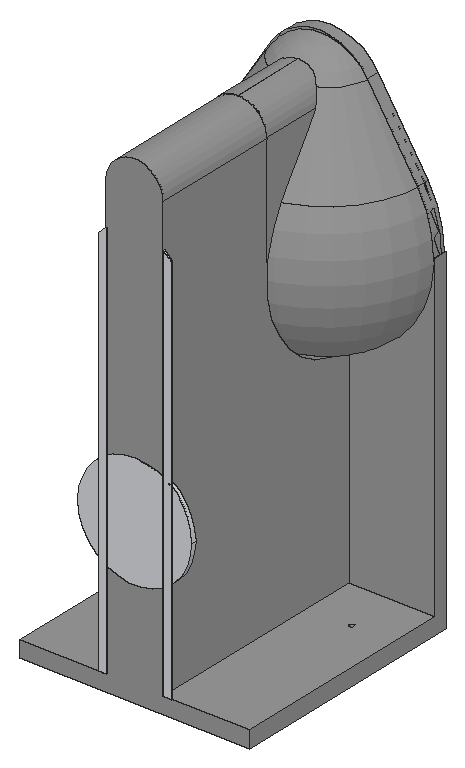
Revit family "Toilet-Willoughby-ASETF-1490-FM-FA-10-BS", category Plumbing Fixtures, Revit 2015
Parameters (values of type "Standard")
  Waste DIA = 2 3/8"
  Waste Connection = yes
  W-RAD [instance] = Waste DIA / 2  # 0' - 1 3/16"
  Vent Connection = no
  URL = "https://www.willoughby-ind.com/wp-content/uploads/2018/01/ASETF-1490-FM-FA.pdf"
  Type Comments = ""
  Revision = "A"
  Model = "ASETW-1490-FM-FA-10-TS"
  Manufacturer = "Willoughby Industries"
  HW Connection = no
  Flush inlet DIA = 1 1/2"
  Flush Inlet Connection = yes
  Fixture Body = Stainless Steel AISI 304-Willoughby
  F-RAD [instance] = Flush inlet DIA / 2  # 0' - 0 3/4"
  Description = "1490 Front Access, Ligature-Resistant, Floor Outlet and Mounted, Siphon Jet, 10\" Rough In"
  Default Elevation = 0' - 0"
  Contact Number = "(800) 428-4065"
  CW Connection = no
Reference planes (in)
  plane 1 "Base": y = -16.25
  plane 2: z = 0
  plane 3 "Center": x = 18.31072
  plane 4 "Waste height": y = -4.75
  plane 5 "Seat HGT": y = -1.25
  plane 6: y = -2.125
  plane 7: x = 16.56072
  plane 8: x = 20.06072
  plane 9: x = 13.81072
  plane 10: x = 22.81072
  plane 11: z = 2.70924
  plane 12: z = -3
  plane 13: z = 25
Forms (in)
  Extrusion 1, solid, material "Stainless Steel AISI 304-Willoughby" <- "Fixture Body"
    sketch origin (16.08109, 7.47968, -2.20079) x (-1, 0, 0) y (0, 0, -1)
      loop
        line (4.79769, -22.8922) -> (4.83287, -22.8922) -> (4.83287, -3.20079) -> (-9.29213, -3.20079) -> (-9.29213, -22.8922) -> (-9.20219, -22.8922)
        arc (-9.20219, -22.8922) -> (-8.94577, -24.74051) -> (-8.21015, -26.45542) r 7
        line (-8.21015, -26.45542) -> (-5.16818, -31.31054)
        arc (-5.16818, -31.31054) -> (-2.20225, -32.95225) -> (0.76368, -31.31054) r 3.5
        line (0.76368, -31.31054) -> (3.80565, -26.45542)
        arc (3.80565, -26.45542) -> (4.54128, -24.74051) -> (4.79769, -22.8922) r 7
      loop
        arc (2.03989, -24.70557) -> (-2.20225, -18.23804) -> (-6.44438, -24.70557) r 4.625
        line (-6.44438, -24.70557) -> (-4.04125, -30.23842)
        arc (-4.04125, -30.23842) -> (-2.20225, -31.45225) -> (-0.36324, -30.23842) r 2
        line (-0.36324, -30.23842) -> (2.03989, -24.70557)
    from 8.72968 to 9.5
  Revolve 2, solid, material "Stainless Steel AISI 304-Willoughby" <- "Fixture Body"
    sketch origin (19.37981, -1.52032, 1.00775) x (-1, 0, 0) y (0, 0, -1)
      loop
        line (1.06174, -12.59906) -> (1.06174, -12.84906)
        arc (1.06174, -12.84906) -> (6.96784, -16.33096) -> (6.78077, -23.18447) r 6.75
        line (6.78077, -23.18447) -> (5.22309, -25.66909)
        arc (5.22309, -25.66909) -> (3.40303, -27.84141) -> (1.06174, -29.43826) r 10.34445
        line (1.06174, -29.43826) -> (1.06174, -29.68826)
        arc (1.06174, -29.68826) -> (2.75672, -29.25045) -> (4.02767, -28.04656) r 3.5
        line (4.02767, -28.04656) -> (7.06964, -23.19143)
        arc (7.06964, -23.19143) -> (7.15052, -16.14555) -> (1.06174, -12.59906) r 7
      axis (1.06174, -12.59906) -> (1.06174, -29.68826)
    angle from 0 to -180
  Extrusion 3, solid, material "Stainless Steel AISI 304-Willoughby" <- "Fixture Body"
    sketch origin (19.53334, -3.02032, -0.0094) x (0, 1, 0) y (0, 0, 1)
      loop
        line (-5.27082, 1.0094) -> (1, 1.0094) -> (1, 13.80524)
        arc (1, 13.80524) -> (-3.15813, 15.45207) -> (-5.27082, 19.39398) r 6.50625
        line (-5.27082, 19.39398) -> (-5.27082, 1.0094)
    from 0.52738 to -2.97262
  Extrusion 4, solid, material "Stainless Steel AISI 304-Willoughby" <- "Fixture Body"
    sketch origin (0, -16.25, 0) x (1, 0, 0) y (0, 0, 1)
      loop
        line (25.37322, 0) -> (25.37322, 1) -> (11.2834, 1) -> (11.2834, 0) -> (25.37322, 0)
    from -15 to 0
  Extrusion 5, solid, material "Stainless Steel AISI 304-Willoughby" <- "Fixture Body"
    sketch origin (0, -16.25, 4.94141) x (1, 0, 0) y (0, 0, 1)
      loop
        line (20.06072, -3.94141) -> (20.06072, 23.23467)
        arc (20.06072, 23.23467) -> (18.31072, 24.98467) -> (16.56072, 23.23467) r 1.75
        line (16.56072, 23.23467) -> (16.56072, -3.94141) -> (20.06072, -3.94141)
    from 0 to -7.95886
  Extrusion 6, solid, material "Stainless Steel AISI 304-Willoughby" <- "Fixture Body"
    sketch origin (18.31072, 0, 4.94141) x (0, 1, 0) y (0, 0, 1)
      loop
        line (-8.30956, 24.98711) -> (-8.30956, 16.43945)
        arc (-8.30956, 16.43945) -> (-7.89398, 17.78452) -> (-7.26296, 19.04298) r 8.53534
        arc (-7.26296, 19.04298) -> (-5.96181, 21.12816) -> (-4.62752, 23.19229) r 153.87584
        arc (-4.62752, 23.19229) -> (-4.20813, 24.22574) -> (-3.39314, 24.98711) r 2.59068
        line (-3.39314, 24.98711) -> (-8.30956, 24.98711)
    from -1.75 to 1.75
  Extrusion 7, void
    sketch origin (0, -16.25, 4.94141) x (1, 0, 0) y (0, 0, 1)
      loop
        arc (18.32244, 24.98711) -> (19.55159, 24.47797) -> (20.06072, 23.24882) r 1.73828
        line (20.06072, 23.24882) -> (20.06072, 24.98711) -> (18.32244, 24.98711)
    from -13.39931 to -7.72232
  Extrusion 8, void
    sketch origin (0, -16.25, 4.94141) x (1, 0, 0) y (0, 0, 1)
      loop
        line (16.56072, 24.98711) -> (16.56072, 23.38793)
        arc (16.56072, 23.38793) -> (17.12541, 24.5271) -> (18.31072, 24.98711) r 1.75711
        line (18.31072, 24.98711) -> (16.56072, 24.98711)
    from -12.85686 to -7.94044
  Extrusion 9, solid
    sketch origin (0, -16.25, 4.94141) x (1, 0, 0) y (0, 0, 1)
      loop
        line (20.06072, -3.94141) -> (20.56072, -3.94141) -> (20.56072, 20.125) -> (20.06072, 20.625) -> (20.06072, -3.94141)
      loop
        line (16.58416, -3.94141) -> (16.58416, 20.625) -> (16.08416, 20.125) -> (16.08416, -3.94141) -> (16.58416, -3.94141)
    from 0 to -0.0625
  Extrusion 10, solid
    sketch origin (0, -16.25, 0) x (1, 0, 0) y (0, 0, 1)
      loop
        circle (18.32831, 10) r 3.5
    from 0 to -0.25
  Extrusion 11, void
    sketch origin (0, 0, 0) x (1, 0, 0) y (0, 1, 0)
      loop
        circle (22.82831, -5.25) r 0.15625
      loop
        circle (13.82831, -5.25) r 0.15625
    from -0.25 to 1
  Extrusion 12, solid
    sketch origin (0, 0, 0) x (1, 0, 0) y (0, 1, 0)
      loop
        circle (18.31072, -3.125) r 0.75
    from 0 to 1
Cuts and joins
  Extrusion 11 cuts Extrusion 1
  Extrusion 11 cuts Extrusion 3
  Extrusion 11 cuts Extrusion 4
  Extrusion 11 cuts Extrusion 5
  joined: Extrusion 1, Extrusion 3, Extrusion 4, Extrusion 5
  Extrusion 7, Extrusion 8 cuts Extrusion 6
Lines and regions (in)
  symbolic lines
    curve 1: line (11.28334, -2.02032, 0) -> (11.28334, -1.25, 0)
    curve 2: line (11.28334, -1.25, 0) -> (25.28334, -1.25, 0)
    curve 3: line (25.28334, -1.25, 0) -> (25.28334, -2.02032, 0)
    curve 4: arc (25.28334, -2.02032, 0) -> (23.0776, -6.6446, 0) -> (18.31072, -8.52239, 0) r 6.98983
    curve 5: arc (18.31072, -8.52239, 0) -> (13.52369, -6.64758, 0) -> (11.28334, -2.02032, 0) r 7.04842
    curve 6: line (22.81072, -6.88104, 0) -> (22.81072, -16.25, 0)
    curve 7: line (22.81072, -16.25, 0) -> (13.81072, -16.25, 0)
    curve 8: line (13.81072, -16.25, 0) -> (13.81072, -6.89908, 0)
    curve 9: line (16.56072, -8.30173, 0) -> (16.56072, -16.25, 0)
    curve 10: line (20.06072, -8.29974, 0) -> (20.06072, -16.25, 0)
    curve 11: line (14.78334, -16.25, 9.65867) -> (14.78334, -16.25, 1)
    curve 12: line (14.78334, -16.25, 1) -> (13.81072, -16.25, 1)
    curve 13: line (13.81072, -16.25, 1) -> (13.81072, -16.25, 0)
    curve 14: line (13.81072, -16.25, 0) -> (22.81072, -16.25, 0)
    curve 15: line (22.81072, -16.25, 0) -> (22.81072, -16.25, 1)
    curve 16: line (22.81072, -16.25, 1) -> (21.81072, -16.25, 1)
    curve 17: line (21.81072, -16.25, 1) -> (21.81072, -16.25, 9.67456)
    curve 18: arc (21.81072, -16.25, 9.67456) -> (25.08799, -16.25, 13.93608) -> (24.32597, -16.25, 19.25778) r 6.9206
    curve 19: line (24.32597, -16.25, 19.25778) -> (21.24927, -16.25, 24.16835)
    curve 20: arc (21.24927, -16.25, 24.16835) -> (19.97832, -16.25, 25.37224) -> (18.28334, -16.25, 25.81005) r 3.5
    curve 21: arc (18.28334, -16.25, 25.81005) -> (16.58835, -16.25, 25.37224) -> (15.31741, -16.25, 24.16835) r 3.5
    curve 22: line (15.31741, -16.25, 24.16835) -> (12.35249, -16.25, 19.43905)
    curve 23: arc (12.35249, -16.25, 19.43905) -> (11.49002, -16.25, 14.03241) -> (14.78334, -16.25, 9.65867) r 7
    curve 29: line (18.31072, -8.4296, 16.67525) -> (18.31072, -16.25, 16.67525)
    curve 30: line (18.31072, -16.25, 16.67525) -> (18.31072, -16.25, 0)
    curve 31: line (18.31072, -16.25, 0) -> (18.31072, -1.25, 0)
    curve 32: line (18.31072, -1.25, 0) -> (18.31072, -1.25, 25.81005)
    curve 33: line (18.31072, -1.25, 25.81005) -> (18.31072, -2.02032, 25.81005)
    curve 34: arc (18.31072, -2.02032, 25.81005) -> (18.31072, -3.29152, 25.30605) -> (18.31072, -4.30177, 24.38445) r 3.79748
    curve 35: line (18.31072, -4.30177, 24.38445) -> (18.31072, -7.52822, 19.25778)
    curve 36: arc (18.31072, -7.52822, 19.25778) -> (18.31072, -8.12539, 18.01764) -> (18.31072, -8.4296, 16.67525) r 6.10578
    curve 37: arc (18.31072, -8.4296, 16.67525) -> (18.31072, -8.31403, 15.24489) -> (18.31072, -8.29114, 13.81005) r 22.19593
    curve 38: arc (18.31072, -8.29114, 13.81005) -> (18.31072, -5.95289, 10.31029) -> (18.31072, -2.02032, 8.81005) r 6.92744
    curve 39: line (18.31072, -1.25, 9.65867) -> (18.31072, -2.02032, 9.65867)
    curve 40: line (18.31072, -2.02032, 9.65867) -> (18.31072, -2.02032, 1)
    curve 41: line (18.31072, -2.02032, 1) -> (18.31072, -16.25, 1)
    curve 42: line (20.06072, -8.29974, 0) -> (20.06072, -4.61725, 0)
    curve 43: arc (20.06072, -4.61725, 0) -> (19.34995, -3.84312, 0) -> (18.31072, -3.68676, 0) r 1.57857
    curve 44: arc (18.31072, -3.68676, 0) -> (17.30223, -3.87691, 0) -> (16.56072, -4.5864, 0) r 1.8036
    curve 45: line (16.56072, -4.5864, 0) -> (16.56072, -8.30173, 0)
    curve 46: line (18.31072, -8.30956, 24.98711) -> (18.31072, -3.72908, 24.98711)
  symbolic lines, detail levels fine
    curve 24: arc (14.0412, -16.25, 17.56337) -> (18.28334, -16.25, 11.09585) -> (22.52547, -16.25, 17.56337) r 4.625
    curve 25: line (22.52547, -16.25, 17.56337) -> (20.12234, -16.25, 23.09622)
    curve 26: arc (20.12234, -16.25, 23.09622) -> (19.38317, -16.25, 23.97635) -> (18.28334, -16.25, 24.31005) r 2.01767
    curve 27: arc (18.28334, -16.25, 24.31005) -> (17.17969, -16.25, 23.98213) -> (16.44433, -16.25, 23.09622) r 1.9827
    curve 28: line (16.44433, -16.25, 23.09622) -> (14.0412, -16.25, 17.56337)
Dimensions and locks (in)
  locked: plane 1 "Base" to plane 4 "Waste height" at 11.5
  locked: plane 1 "Base" to plane 5 "Seat HGT" at 15
  plane 9 to plane 3 "Center" = 0' - 4 1/2"
  plane 9 to plane 10 = 0' - 9"
  plane 13 to level = 2' - 1"
  aligned and locked: Extrusion 1 to Revolve 2
  aligned and locked: cut or joined group of Extrusion 1, Extrusion 3, Extrusion 4, Extrusion 5, Extrusion 11 to Extrusion 1
  aligned and locked: Extrusion 8 to Extrusion 6
  aligned and locked: Extrusion 9 to cut or joined group of Extrusion 1, Extrusion 3, Extrusion 4, Extrusion 5, Extrusion 11
Connectors (in)
  piping at (18.32831, -16.25, 10), diameter 2.5
    settings: on Extrusion 10, index 3, connector inside diameter 24", connector length 0' - 0", flow factor 0, pipe flow 0 GPM, pressure drop 0.00 psi, fitting loss kfactor 0, connector angle 0.00°, fixture units 0, engagement length 0' - 0", angle of deflection 0.00°, flow configuration 0, flow direction 0, fitting loss method 0, system type 7, joint type 0, gender type 0, connector reference index -1, connector utility 0, adjustable connector no, is connector primary yes, connector description ""
  piping at (18.31072, -3.125, 0), diameter 1.5
    settings: on Extrusion 12, index 4, connector inside diameter 24", connector length 0' - 0", flow factor 0, pipe flow 0 GPM, pressure drop 0.00 psi, fitting loss kfactor 0, connector angle 0.00°, fixture units 0, engagement length 0' - 0", angle of deflection 0.00°, flow configuration 0, flow direction 0, fitting loss method 0, system type 7, joint type 0, gender type 0, connector reference index -1, connector utility 0, adjustable connector no, is connector primary no, connector description ""
